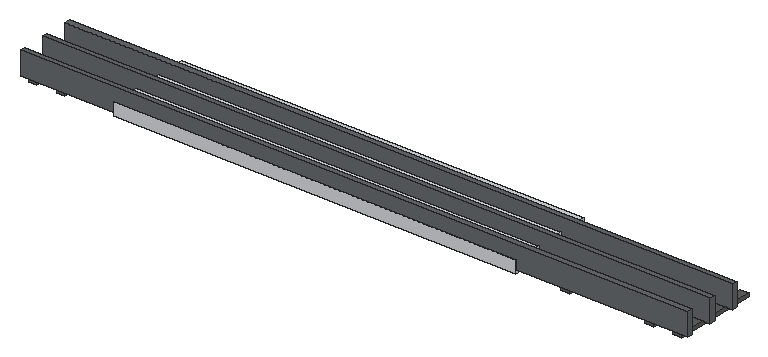
Revit family "1114-3, Solid", category Generic Models, host Face, Revit 2020
Family settings
  Host = Face
  Can host rebar = No
  Round Connector Dimension = Use Diameter
  Part Type = Normal
  Cut with Voids When Loaded = No
  Shared = No
  Room Calculation Point = No
Parameters
  min_value [instance] = 1' - 11 1/4"  # constant formula
  max_value [instance] = 11' - 11 1/4"  # constant formula
  actual_value [instance] = if(NET LENGTH < min_value, min_value, if(NET LENGTH > max_value, max_value, NET LENGTH))  # 7' - 11 1/4"
  SCRIM MATERIAL [instance] = SCRIM
  SCRIM [instance] = yes
  NET LENGTH [instance] = 7' - 11 1/4"
  Default Elevation = 4' - 0"
  BACKER MATERIAL [instance] = BLACK-BACKERS
  .. MEMBER WIDTH [instance] = 0' - 0 3/4"  # constant formula
  .. MEMBER MATERIAL [instance] = Solid Western Hemlock
  .. MEMBER LENGTH [instance] = actual_value  # 7' - 11 1/4"
  .. MEMBER DEPTH [instance] = 0' - 3 1/4"  # constant formula
  .. MEMBER COUNT [instance] = 3  # constant formula
  IMPORTANT NOTE!!!                                                                             *Backer layout is for visualization purposes only, final layout to be determined by 9Wood. [instance] = ""
Reference planes (in)
  plane 1 "Center (Front/Back)": y = 0
  plane 2: z = 1.82209
  plane 3 "Center (Left/Right)": x = 0
Forms (in)
  Extrusion 1, solid
    sketch origin (132, -33.80483, 0) x (1, 0, 0) y (0, 1, 0)
      loop
        line (-118.625, 33.80483) -> (-61.26146, 33.80483) -> (-61.26146, 45.86733) -> (-118.625, 45.86733) -> (-118.625, 33.80483)
    from 1.82209 to 0
Dimensions and locks (in)
  aligned and locked: Extrusion 1 to plane 2
  aligned and locked: plane 3 "Center (Left/Right)" to nested 1
Nested families (in)
  nested 1: "1100 SERIES CONFIG" at (0, 2, 0), .. MEMBER DEPTH <- ".. MEMBER DEPTH", .. MEMBER LENGTH <- ".. MEMBER LENGTH", .. MEMBER WIDTH <- ".. MEMBER WIDTH", .. MEMBER MATERIAL <- ".. MEMBER MATERIAL", BACKING M MATERIAL <- "BACKER MATERIAL", SCRIM  MATERIAL <- "SCRIM MATERIAL", .. MEMBER COUNT <- ".. MEMBER COUNT", SCRIM <- "SCRIM", type "1100 SERIES CONFIG"
    with X 7' - 8", SCRIM OVERHANG 2 0' - 0 3/32", SCRIM OVERHANG 0' - 0 7/8", SCRIM LENGTH 8' - 1", SCRIM  MATERIAL SCRIM, SCRIM yes, NOMINAL LENGTH 7, N 8, Inset 6' - 0 3/8", INSET 0' - 1", INDEX 0' - 5 5/8", HALF MEMBER WIDTH 0' - 0 3/8", HALF LENGTH 3' - 11 5/8", END BACKER yes, BACKING M WIDTH 0' - 1 1/4", BACKING M OC SPACING 1' - 0", BACKING M MATERIAL BLACK-BACKERS, BACKING M LENGTH 0' - 11 7/8", BACKING M DEPTH 0' - 0 1/2", BACKING M COUNT 8, 3/16" INSET 0' - 0 3/16", .. MEMBER WIDTH 0' - 0 3/4", .. MEMBER OC SPACING 0' - 4", .. MEMBER MATERIAL Solid Western Hemlock, .. MEMBER LENGTH 7' - 11 1/4", .. MEMBER DEPTH 0' - 3 1/4", .. MEMBER COUNT 3
Definition of nested family "1100 SERIES CONFIG"
  Parameters (values of type "1100 SERIES CONFIG")
    X [instance] = .. MEMBER LENGTH - 0' 3 1/4"  # 3' - 2"
    SCRIM OVERHANG 2 [instance] = 0' - 0 3/32"  # constant formula
    SCRIM OVERHANG [instance] = 0' - 0 7/8"  # constant formula
    SCRIM LENGTH [instance] = .. MEMBER LENGTH + (SCRIM OVERHANG * 2)  # 3' - 7"
    SCRIM  MATERIAL [instance] = none
    SCRIM [instance] = yes
    NOMINAL LENGTH [instance] = 7
    N [instance] = if((X - (rounddown(X / 1' 0") * 1' 0")) > 1' 0", rounddown(X / 1' 0") + 2, rounddown(X / 1' 0") + 1)  # 4
    Inset [instance] = 6' - 0 3/8"  # constant formula
    INSET [instance] = 0' - 1"  # constant formula
    INDEX [instance] = (.. MEMBER LENGTH - ((N - 1) * 1' 0")) / 2  # 0' - 2 5/8"
    HALF MEMBER WIDTH [instance] = .. MEMBER WIDTH / 2  # 0' - 0 5/16"
    HALF LENGTH [instance] = .. MEMBER LENGTH / 2  # 1' - 8 5/8"
    END BACKER [instance] = INDEX > 0' 3 5/8"  # no
    Default Elevation = 0' - 0"
    BACKING M WIDTH [instance] = 0' - 1 1/4"
    BACKING M SPACING = 3' - 3"
    BACKING M MATERIAL [instance] = none
    BACKING M LENGTH [instance] = 0' - 11 7/8"
    BACKING M DEPTH [instance] = 0' - 0 1/2"
    BACKING M COUNT [instance] = N  # 4
    BACKING M OC SPACING [instance] = 1' - 0"  # constant formula
    3/16" INSET [instance] = 0' - 0 3/16"  # constant formula
    .. MEMBER WIDTH [instance] = 0' - 0 5/8"
    .. MEMBER OC SPACING [instance] = 1' 0" / .. MEMBER COUNT  # 0' - 4"
    .. MEMBER MATERIAL [instance] = none
    .. MEMBER LENGTH [instance] = 3' - 5 1/4"
    .. MEMBER DEPTH [instance] = 0' - 1 3/8"
    .. MEMBER COUNT [instance] = 3
  Reference planes (in)
    plane 1 "Center (Front/Back)": y = -2
    plane 2: z = 0
    plane 3 "Center (Left/Right)": x = 0
    plane 4: x = 1
    plane 5: x = 2.625
    plane 6: x = 20.625
    plane 7: x = 41.25
    plane 8: x = 40.25
    plane 9: x = 14.625
    plane 10: y = -1.8125
    plane 11: y = -1.6875
    plane 12: y = 2.3125
    plane 13: x = 42.125
    plane 14: x = -0.875
    plane 15: z = 0.5
    plane 16: y = 10.0625
    plane 17: y = 10.15625
    plane 18: y = -2.09375
  Dimensions and locks (in)
    "INSET": plane 3 "Center (Left/Right)" to plane 4
    "INDEX": plane 3 "Center (Left/Right)" to plane 5
    "HALF LENGTH": plane 3 "Center (Left/Right)" to plane 6
    ".. MEMBER LENGTH": plane 3 "Center (Left/Right)" to plane 7
    "INSET": plane 8 to plane 7
    equal spacing: group 2, group 3, group 6, group 7  (x3)
    "3/16" INSET": plane 1 "Center (Front/Back)" to plane 10
    ".. MEMBER OC SPACING": plane 12 to plane 11
    "SCRIM OVERHANG": plane 14 to plane 3 "Center (Left/Right)"
    "SCRIM OVERHANG": plane 7 to plane 13
    equal spacing: group 5, group 4, group 1  (x2)
    equal spacing: group 1, group 4, group 5
    "HALF MEMBER WIDTH": plane 1 "Center (Front/Back)" to plane 11
    "BACKING M OC SPACING": plane 5 to plane 9
    "SCRIM OVERHANG 2": plane 17 to plane 16
    "SCRIM OVERHANG 2": plane 18 to plane 1 "Center (Front/Back)"
    aligned and locked: level to plane 2
    aligned and locked: plane 6 to nested 1
    aligned and locked: nested 2 to plane 4
    aligned and locked: plane 5 to nested 3
    aligned and locked: plane 1 "Center (Front/Back)" to nested 1
    aligned and locked: nested 2 to plane 10
    aligned and locked: nested 3 to plane 10
    aligned and locked: nested 5 to plane 10
    aligned and locked: nested 4 to plane 10
    aligned and locked: plane 12 to nested 6
    aligned and locked: nested 6 to plane 3 "Center (Left/Right)"
    aligned and locked: plane 9 to nested 5
    aligned and locked: plane 8 to nested 4
    aligned and locked: plane 15 to nested 2
    aligned and locked: nested 7 to plane 15
    aligned and locked: nested 6 to plane 15
  Nested families (in)
    nested 1: "INSTANCE - Parametric Cube" at (20.625, -1.6875, 1.875), Length <- ".. MEMBER WIDTH", Height <- ".. MEMBER DEPTH", Width <- ".. MEMBER LENGTH", Material <- ".. MEMBER MATERIAL", type "INSTANCE - Parametric Cube"
      with Width 3' - 5 1/4", Material none, Length 0' - 0 5/8", Height 0' - 1 3/8"
    nested 2: "2ND INSTANCE - Parametric Cube" at (1.625, 4.125, 0), Height <- "BACKING M DEPTH", Length <- "BACKING M LENGTH", Width <- "BACKING M WIDTH", Material <- "BACKING M MATERIAL", visible <- "END BACKER", type "2ND INSTANCE - Parametric Cube"
      with Width 0' - 1 1/4", Material none, Length 0' - 11 7/8", Height 0' - 0 1/2"
    nested 3: "2ND INSTANCE - Parametric Cube" at (2.625, 4.125, 0), Length <- "BACKING M LENGTH", Height <- "BACKING M DEPTH", Width <- "BACKING M WIDTH", Material <- "BACKING M MATERIAL", type "2ND INSTANCE - Parametric Cube"
      with Width 0' - 1 1/4", Material none, Length 0' - 11 7/8", Height 0' - 0 1/2"
    nested 4: "2ND INSTANCE - Parametric Cube" at (39.625, 4.125, 0), Width <- "BACKING M WIDTH", Length <- "BACKING M LENGTH", Height <- "BACKING M DEPTH", Material <- "BACKING M MATERIAL", visible <- "END BACKER", type "2ND INSTANCE - Parametric Cube"
      with Width 0' - 1 1/4", Material none, Length 0' - 11 7/8", Height 0' - 0 1/2"
    nested 5: "2ND INSTANCE - Parametric Cube" at (14.625, 4.125, 0), Length <- "BACKING M LENGTH", Height <- "BACKING M DEPTH", Width <- "BACKING M WIDTH", Material <- "BACKING M MATERIAL", type "2ND INSTANCE - Parametric Cube"
      with Width 0' - 1 1/4", Material none, Length 0' - 11 7/8", Height 0' - 0 1/2"
    nested 6: "INSTANCE - Parametric Cube" at (20.625, 2.3125, 1.875), Length <- ".. MEMBER WIDTH", Height <- ".. MEMBER DEPTH", Width <- ".. MEMBER LENGTH", Material <- ".. MEMBER MATERIAL", type "INSTANCE - Parametric Cube"
      with Width 3' - 5 1/4", Material none, Length 0' - 0 5/8", Height 0' - 1 3/8"
    nested 7: "INSTANCE - Parametric Cube" at (20.625, 6.3125, 1.875), Length <- ".. MEMBER WIDTH", Height <- ".. MEMBER DEPTH", Width <- ".. MEMBER LENGTH", Material <- ".. MEMBER MATERIAL", type "INSTANCE - Parametric Cube"
      with Width 3' - 5 1/4", Material none, Length 0' - 0 5/8", Height 0' - 1 3/8"
    nested 8: "2ND INSTANCE - Parametric Cube" at (26.625, 4.125, 0), Length <- "BACKING M LENGTH", Height <- "BACKING M DEPTH", Width <- "BACKING M WIDTH", Material <- "BACKING M MATERIAL", type "2ND INSTANCE - Parametric Cube"
      with Width 0' - 1 1/4", Material none, Length 0' - 11 7/8", Height 0' - 0 1/2"
    nested 9: "2ND INSTANCE - Parametric Cube" at (38.625, 4.125, 0), Length <- "BACKING M LENGTH", Height <- "BACKING M DEPTH", Width <- "BACKING M WIDTH", Material <- "BACKING M MATERIAL", type "2ND INSTANCE - Parametric Cube"
      with Width 0' - 1 1/4", Material none, Length 0' - 11 7/8", Height 0' - 0 1/2"
  Definition of nested family "INSTANCE - Parametric Cube"
    Parameters (values of type "INSTANCE - Parametric Cube")
      Width [instance] = 0' - 6"
      Material [instance] = none
      Length [instance] = 1' - 0"
      Height [instance] = 1' - 6"
      Default Elevation = 0' - 0"
    Reference planes (in)
      plane 1 "Center (Front/Back)": y = 0
      plane 2: z = 0
      plane 3 "Center (Left/Right)": x = 0
      plane 4: x = -3
      plane 5: x = 3
      plane 6: y = 6
      plane 7: y = -6
      plane 8: z = -18
    Forms (in)
      Extrusion 1, solid, material <- "Material"
        sketch origin (0, 0, 0) x (1, 0, 0) y (0, 1, 0)
          loop
            line (-3, 6) -> (-3, -6) -> (3, -6) -> (3, 6) -> (-3, 6)
        from -18 to 0
    Dimensions and locks (in)
      equal spacing: plane 4, plane 3 "Center (Left/Right)", plane 5
      equal spacing: plane 6, plane 1 "Center (Front/Back)", plane 7
      "Length": plane 6 to plane 7
      "Width": plane 4 to plane 5
      "Height": plane 8 to level
      aligned and locked: plane 2 to level
      aligned and locked: Extrusion 1 sketch curve to plane 6
      aligned and locked: plane 4 to Extrusion 1 sketch curve
      aligned and locked: plane 7 to Extrusion 1 sketch curve
      aligned and locked: Extrusion 1 sketch curve to plane 5
      aligned and locked: Extrusion 1 to plane 8
  Definition of nested family "2ND INSTANCE - Parametric Cube"
    Parameters (values of type "2ND INSTANCE - Parametric Cube")
      Width [instance] = 0' - 6"
      Material [instance] = none
      Length [instance] = 1' - 0"
      Height [instance] = 1' - 6"
      Default Elevation = 0' - 0"
    Reference planes (in)
      plane 1 "Center (Front/Back)": y = 0
      plane 2: z = 0
      plane 3 "Center (Left/Right)": x = 0
      plane 4: x = -3
      plane 5: x = 3
      plane 6: y = 6
      plane 7: y = -6
      plane 8: z = 18
    Forms (in)
      Extrusion 1, solid, material <- "Material"
        sketch origin (0, 0, 0) x (1, 0, 0) y (0, 1, 0)
          loop
            line (-3, 6) -> (-3, -6) -> (3, -6) -> (3, 6) -> (-3, 6)
        from 0 to 18
    Dimensions and locks (in)
      equal spacing: plane 4, plane 3 "Center (Left/Right)", plane 5
      equal spacing: plane 6, plane 1 "Center (Front/Back)", plane 7
      "Length": plane 6 to plane 7
      "Width": plane 4 to plane 5
      "Height": level to plane 8
      aligned and locked: plane 2 to level
      aligned and locked: Extrusion 1 sketch curve to plane 6
      aligned and locked: plane 4 to Extrusion 1 sketch curve
      aligned and locked: plane 7 to Extrusion 1 sketch curve
      aligned and locked: Extrusion 1 sketch curve to plane 5
      aligned and locked: plane 8 to Extrusion 1
      aligned and locked: Extrusion 1 to level
